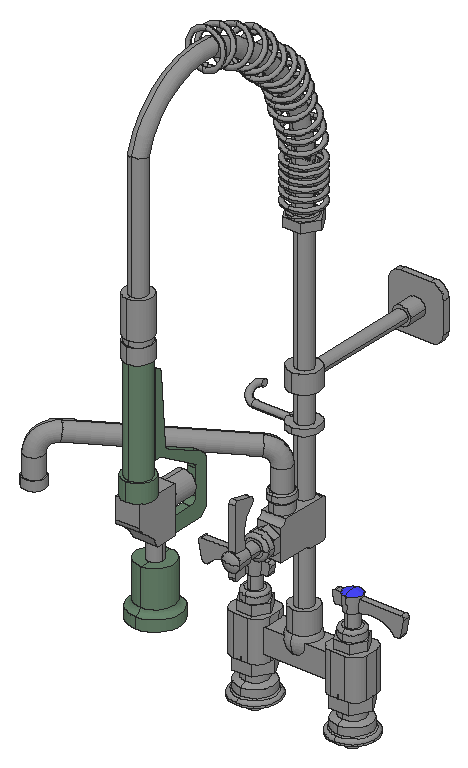
Revit family "Krowne_18-408L_DeckMount_Pre-Rinse_Faucet", category Plumbing Fixtures, Revit 2018
Family settings
  Round Connector Dimension = Use Diameter
  Part Type = Normal
  OmniClass Number = 23.40.40.00
  OmniClass Title = Food Service Equipment and Furnishings
  Work Plane-Based = No
  Always vertical = Yes
  Cut with Voids When Loaded = No
  Shared = No
  Room Calculation Point = No
Parameters (values of type "18-408L")
  Width = 18"
  Weight in Pounds = 13
  Watermarked By = ""
  URL Cutsheet = ""
  URL = "https://krowne.com/"
  Status [instance] = ""
  Specification by User [instance] = ""
  Specification by Manufacturer [instance] = ""
  Serial Number [instance] = ""
  Revision Code [instance] = ""
  NAFEM Spec ID Number [instance] = ""
  Model = "18-408L"
  Masterspec [instance] = ""
  Manufacturer = "Krowne Metal"
  Item Number [instance] = "-"
  Installed By [instance] = ""
  Hot Water Temperature = 100 °F
  Hot Water Size = 1/2"
  Hot Water RI Height [instance] = 0"
  Hot Water Flow = 1.8 GPM
  Hot Water Connection Height = 0"
  Height = 24 7/8"
  Furnished By [instance] = ""
  Foodservice Equipment Identifier = yes
  Description = "4\" Raised Deck Mount Space Saver Pre-Rinse with Add-on Faucet, 8\" Spout"
  Depth = 10"
  Cold Water Size = 1/2"
  Cold Water RI Height [instance] = 0"
  Cold Water Flow = 1.8 GPM
  Cold Water Consumption = ""
  Cold Water Connection Height = 0"
  CSI MasterFormat = ""
  Assembly Code = "E1090300"
Reference planes (in)
  plane 1 "BACK": y = 0
  plane 2: z = 0
  plane 3 "CENTER L/R": x = -12.56573
  plane 4: y = -0.9375
  plane 5: y = -8.5625
  plane 6 "CENTER L/S": x = -10.56573
  plane 7 "CENTER L/T": x = -14.56573
  plane 8 "CENTER L/U": x = -8.40948
  plane 9 "CENTER L/V": x = -16.72198
  plane 10: z = 6.875
  plane 11: z = 18
  plane 12: z = 26.625
  plane 13: z = 1.75
  plane 14: z = 15.8125
Forms (in)
  Extrusion 1, solid, material "QF_Steel-Chrome-Polished"
    sketch origin (-12.56573, -0.93695, -0.09142) x (0, -1, 0) y (1, 0, 0)
      loop
        circle (0, 0) r 0.34
    from 4.12518 to 18.28793
  Revolve 2, solid, material "QF_Plastic-Hunter Green"
    sketch origin (-12.56573, 4.2975, -7.025) x (0, -1, 0) y (0, 0, 1)
      loop
        line (13.735, 18.775) -> (14.36, 18.775) -> (14.36, 19.525) -> (14.235, 19.525) -> (14.235, 23.8375) -> (13.735, 23.8375) -> (13.735, 18.775)
      axis (13.735, 18.775) -> (13.735, 23.8375)
    angle from 0 to 360
  Sweep 3, solid, material "QF_Steel-Chrome-Polished"
    path origin (-12.56573, -0.93695, -4.46642) x (0, -1, 0) y (0, 0, 1)
      loop
        line (8.50055, 23.65392) -> (8.50055, 28.72759)
        arc (8.50055, 28.72759) -> (7.09376, 30.5755) -> (4.82933, 31.09142) r 3.40474
        arc (4.82933, 31.09142) -> (2.36329, 29.70618) -> (0.62765, 27.47285) r 7.14782
        arc (0.62765, 27.47285) -> (0.15902, 26.17338) -> (0, 24.80118) r 6
        line (0, 24.80118) -> (0, 22.66293)
    profile origin (-12.56573, -9.4375, 21.72434) x (0, 1, 0) y (-1, 0, 0)
      loop
        circle (0, 0) r 0.33984
  Sweep 4, solid, material "QF_Steel-Chrome-Polished"
    path origin (-12.56573, 8.55153, 20.47393) x (1, 0, 0) y (0, -0.694658, -0.71934)
      loop
        line (-0.03125, 13.66) -> (-2.03125, 13.66)
        arc (-2.03125, 13.66) -> (-2.40625, 13.285) -> (-2.03125, 12.91) r 0.375
    profile origin (-13.59698, -0.9375, 10.64775) x (0, 0.694658, 0.71934) y (0, 0.71934, -0.694658)
      loop
        circle (0, 0) r 0.125
  Sweep 5, solid, material "QF_Steel-Chrome-Polished"
    path origin (-12.56573, -23.0225, -7.025) x (0, 1, 0) y (0, 0, -1)
      loop
        line (14.46, -16.8375) -> (14.46, -16.0875)
    profile origin (-12.56573, -8.5625, 9.4375) x (-1, 0, 0) y (0, -1, 0)
      loop
        circle (0, 0) r 0.3125
  Revolve 6, solid, material "QF_Plastic-Hunter Green"
    sketch origin (-12.56573, -23.0225, -7.025) x (0, 1, 0) y (0, 0, -1)
      loop
        line (14.46, -16.0875) -> (15.21, -16.0875) -> (15.21, -14.5875)
        arc (15.21, -14.5875) -> (15.28322, -14.41072) -> (15.46, -14.3375) r 0.25
        line (15.46, -14.3375) -> (15.46, -13.9) -> (14.46, -13.9) -> (14.46, -16.0875)
      axis (14.46, -13.9) -> (14.46, -16.0875)
    angle from 0 to 360
  Extrusion 7, solid, material "QF_Plastic-Hunter Green"
    sketch origin (-12.56573, -23.0225, -7.025) x (0, 1, 0) y (0, 0, -1)
      loop
        arc (15.335, -16.71016) -> (15.02261, -17.01446) -> (15.31861, -17.33473) r 0.3125
        line (15.31861, -17.33473) -> (16.06861, -17.33473)
        arc (16.06861, -17.33473) -> (16.24539, -17.40795) -> (16.31861, -17.58473) r 0.25
        line (16.31861, -17.58473) -> (16.31861, -18.62984)
        arc (16.31861, -18.62984) -> (16.28585, -18.75357) -> (16.19614, -18.84486) r 0.25
        line (16.19614, -18.84486) -> (14.5225, -19.8375) -> (14.2725, -19.8375) -> (14.2725, -23.15)
        arc (14.2725, -23.15) -> (14.44928, -23.07678) -> (14.5225, -22.9) r 0.25
        line (14.5225, -22.9) -> (14.73264, -20.16098)
        arc (14.73264, -20.16098) -> (14.77513, -20.0396) -> (14.87232, -19.9554) r 0.25
        line (14.87232, -19.9554) -> (16.56935, -19.12771)
        arc (16.56935, -19.12771) -> (16.77419, -18.94327) -> (16.85017, -18.67831) r 0.5
        line (16.85017, -18.67831) -> (16.85017, -16.97532) -> (16.585, -16.71016) -> (15.335, -16.71016)
    from -0.17817 to 0.15894
  Revolve 8, solid, material "QF_Steel-Chrome-Polished"
    sketch origin (-12.56573, -23.0225, -7.025) x (0, 1, 0) y (0, 0, -1)
      loop
        line (14.8975, -18.7125) -> (15.8975, -18.7125) -> (15.8975, -18.4625) -> (16.0225, -18.4625) -> (16.0225, -18.2125) -> (14.8975, -18.2125) -> (14.8975, -18.7125)
      axis (16.0225, -18.2125) -> (14.8975, -18.2125)
    angle from 0 to 360
  Sweep 9, solid, material "QF_Steel-Chrome-Polished"
    path origin (-12.56573, -2.06586, 24.03279) x (0, -0.882948, -0.469472) y (1, 0, 0)
      loop
        circle (0, 0) r 0.72
    profile origin (-11.84573, -2.06586, 24.03279) x (-1, 0, 0) y (0, -0.469472, 0.882948)
      loop
        circle (0, 0) r 0.08178
  Sweep 10, solid, material "QF_Steel-Chrome-Polished"
    path origin (-12.56573, -2.47616, 24.44422) x (0, -0.829038, -0.559193) y (1, 0, 0)
      loop
        circle (0, 0) r 0.72
    profile origin (-11.84573, -2.47616, 24.44422) x (-1, 0, 0) y (0, -0.559193, 0.829038)
      loop
        circle (0, 0) r 0.08178
  Sweep 11, solid, material "QF_Steel-Chrome-Polished"
    path origin (-12.56573, -1.07894, 21.53673) x (0, -0.978148, -0.207912) y (1, 0, 0)
      loop
        circle (0, 0) r 0.72
    profile origin (-11.84573, -1.07894, 21.53673) x (-1, 0, 0) y (0, -0.207912, 0.978148)
      loop
        circle (0, 0) r 0.08178
  Sweep 12, solid, material "QF_Steel-Chrome-Polished"
    path origin (-12.56573, -1.86515, 23.60264) x (0, -0.857167, -0.515038) y (1, 0, 0)
      loop
        circle (0, 0) r 0.72
    profile origin (-11.84573, -1.86515, 23.60264) x (-1, 0, 0) y (0, -0.515038, 0.857167)
      loop
        circle (0, 0) r 0.08178
  Sweep 13, solid, material "QF_Steel-Chrome-Polished"
    path origin (-12.56573, -0.98092, 21.05422) x (0, -0.978148, -0.207912) y (1, 0, 0)
      loop
        circle (0, 0) r 0.72
    profile origin (-11.84573, -0.98092, 21.05422) x (-1, 0, 0) y (0, -0.207912, 0.978148)
      loop
        circle (0, 0) r 0.08178
  Sweep 14, solid, material "QF_Steel-Chrome-Polished"
    path origin (-12.56573, -1.69061, 23.19258) x (0, -0.920505, -0.390731) y (1, 0, 0)
      loop
        circle (0, 0) r 0.72
    profile origin (-11.84573, -1.69061, 23.19258) x (-1, 0, 0) y (0, -0.390731, 0.920505)
      loop
        circle (0, 0) r 0.08178
  Sweep 15, solid, material "QF_Steel-Chrome-Polished"
    path origin (-12.56573, -1.21384, 22.00251) x (0, -0.951057, -0.309017) y (1, 0, 0)
      loop
        circle (0, 0) r 0.72
    profile origin (-11.84573, -1.21384, 22.00251) x (-1, 0, 0) y (0, -0.309017, 0.951057)
      loop
        circle (0, 0) r 0.08178
  Sweep 16, solid, material "QF_Steel-Chrome-Polished"
    path origin (-12.56573, -1.54108, 22.69083) x (0, -0.927184, -0.374607) y (1, 0, 0)
      loop
        circle (0, 0) r 0.72
    profile origin (-11.84573, -1.54108, 22.69083) x (-1, 0, 0) y (0, -0.374607, 0.927184)
      loop
        circle (0, 0) r 0.08178
  Sweep 17, solid, material "QF_Steel-Chrome-Polished"
    path origin (-12.56573, -3.01276, 24.87687) x (0, -0.848048, -0.529919) y (1, 0, 0)
      loop
        circle (0, 0) r 0.72
    profile origin (-11.84573, -3.01276, 24.87687) x (-1, 0, 0) y (0, -0.529919, 0.848048)
      loop
        circle (0, 0) r 0.08178
  Sweep 18, solid, material "QF_Steel-Chrome-Polished"
    path origin (-12.56573, -3.45399, 25.40635) x (0, -0.745676, -0.666309) y (1, 0, 0)
      loop
        circle (0, 0) r 0.72
    profile origin (-11.84573, -3.45399, 25.40635) x (-1, 0, 0) y (0, -0.666309, 0.745676)
      loop
        circle (0, 0) r 0.08178
  Sweep 19, solid, material "QF_Steel-Chrome-Polished"
    path origin (-12.56573, -3.91456, 25.78013) x (0, -0.632262, -0.774755) y (1, 0, 0)
      loop
        circle (0, 0) r 0.72
    profile origin (-11.84573, -3.91456, 25.78013) x (-1, 0, 0) y (0, -0.774755, 0.632262)
      loop
        circle (0, 0) r 0.08178
  Sweep 20, solid, material "QF_Steel-Chrome-Polished"
    path origin (-12.56573, -4.61244, 26.15886) x (0, -0.434326, -0.900756) y (1, 0, 0)
      loop
        circle (0, 0) r 0.72
    profile origin (-11.84573, -4.61244, 26.15886) x (-1, 0, 0) y (0, -0.900756, 0.434326)
      loop
        circle (0, 0) r 0.08178
  Sweep 21, solid, material "QF_Steel-Chrome-Polished"
    path origin (-12.56573, -5.50445, 26.53759) x (0, -0.434326, -0.900756) y (1, 0, 0)
      loop
        circle (0, 0) r 0.72
    profile origin (-11.84573, -5.50445, 26.53759) x (-1, 0, 0) y (0, -0.900756, 0.434326)
      loop
        circle (0, 0) r 0.08178
  Sweep 22, solid, material "QF_Steel-Chrome-Polished"
    path origin (-12.56573, -5.96727, 26.62629) x (0, -0.134719, -0.990884) y (1, 0, 0)
      loop
        circle (0, 0) r 0.72
    profile origin (-11.84573, -5.96727, 26.62629) x (-1, 0, 0) y (0, -0.990884, 0.134719)
      loop
        circle (0, 0) r 0.08178
  Extrusion 23, solid, material "QF_Steel-Chrome-Polished"
    sketch origin (-0.21875, -0.9375, 12.03358) x (0, 1, 0) y (-1, 0, 0)
      loop
        circle (0.00055, 12.34698) r 0.625
      loop
        circle (0.00055, 12.34698) r 0.34
    from 0 to 0.75
  Extrusion 24, solid, material "QF_Steel-Chrome-Polished"
    sketch origin (-0.1875, 5.0625, -4.46642) x (1, 0, 0) y (0, 0, 1)
      loop
        line (-11.75323, 18) -> (-13.00323, 18)
        arc (-13.00323, 18) -> (-13.35678, 17.85355) -> (-13.50323, 17.5) r 0.5
        line (-13.50323, 17.5) -> (-13.50323, 16.25)
        arc (-13.50323, 16.25) -> (-13.35678, 15.89645) -> (-13.00323, 15.75) r 0.5
        line (-13.00323, 15.75) -> (-11.75323, 15.75)
        arc (-11.75323, 15.75) -> (-11.39967, 15.89645) -> (-11.25323, 16.25) r 0.5
        line (-11.25323, 16.25) -> (-11.25323, 17.5)
        arc (-11.25323, 17.5) -> (-11.39967, 17.85355) -> (-11.75323, 18) r 0.5
    from 0 to 0.25
  Extrusion 25, solid, material "QF_Steel-Chrome-Polished"
    sketch origin (-0.1875, 4.8125, -4.46642) x (1, 0, 0) y (0, 0, 1)
      loop
        circle (-12.37823, 16.875) r 0.375
    from 0 to 0.75
  Extrusion 26, solid, material "QF_Steel-Chrome-Polished"
    sketch origin (-0.1875, 4.0625, -4.46642) x (1, 0, 0) y (0, 0, 1)
      loop
        circle (-12.37823, 16.875) r 0.25
    from 0 to 4.5
  Extrusion 27, solid, material "QF_Steel-Chrome-Polished"
    sketch origin (-12.59698, 5.53856, -5.6836) x (0, 1, 0) y (0, 0, 1)
      loop
        line (-13.66356, 15.4961) -> (-13.66356, 17.4336) -> (-15.47606, 17.4336) -> (-15.47606, 16.5586)
        arc (-15.47606, 16.5586) -> (-15.44221, 16.43298) -> (-15.34983, 16.34139) r 0.25
        arc (-15.34983, 16.34139) -> (-14.88291, 15.97756) -> (-14.53856, 15.4961) r 2.0625
        line (-14.53856, 15.4961) -> (-13.66356, 15.4961)
    from -0.5 to 0.5
  Revolve 28, solid, material "QF_Steel-Chrome-Polished"
    sketch origin (-12.56573, 4.2975, -7.025) x (0, -1, 0) y (0, 0, 1)
      loop
        line (13.735, 23.8375) -> (14.2975, 23.8375) -> (14.2975, 24.4625) -> (14.235, 24.4625) -> (14.235, 24.7125) -> (14.2975, 24.7125) -> (14.2975, 26.2125) -> (13.735, 26.2125) -> (13.735, 23.8375)
      axis (13.735, 23.8375) -> (13.735, 26.2125)
    angle from 0 to 360
  Extrusion 29, solid, material "QF_Steel-Chrome-Polished"
    sketch origin (-0.21875, -0.9375, 10.51528) x (0, 1, 0) y (-1, 0, 0)
      loop
        circle (0.00055, 12.34698) r 0.625
      loop
        circle (0.00055, 12.34698) r 0.34
    from 0 to 0.25
  Extrusion 30, solid, material "QF_Steel-Chrome-Polished"
    sketch origin (-12.56573, 0, 1.1875) x (0, 1, 0) y (0, 0, 1)
      loop
        line (-0.5, 5.3125) -> (-0.5, 6.6875)
        arc (-0.5, 6.6875) -> (-0.53661, 6.77589) -> (-0.625, 6.8125) r 0.125
        line (-0.625, 6.8125) -> (-2.5, 6.8125)
        arc (-2.5, 6.8125) -> (-2.57322, 6.63572) -> (-2.75, 6.5625) r 0.25
        line (-2.75, 6.5625) -> (-2.75, 5.3125) -> (-1.4805, 5.3125)
        arc (-1.4805, 5.3125) -> (-1.43984, 5.3057) -> (-1.4036, 5.28605) r 0.125
        line (-1.4036, 5.28605) -> (-1.3112, 5.21395)
        arc (-1.3112, 5.21395) -> (-1.27496, 5.1943) -> (-1.2343, 5.1875) r 0.125
        line (-1.2343, 5.1875) -> (-0.625, 5.1875)
        arc (-0.625, 5.1875) -> (-0.53661, 5.22411) -> (-0.5, 5.3125) r 0.125
    from -0.4629 to 0.51137
  Sweep 31, solid, material "QF_Steel-Chrome-Polished"
    path origin (-11.1074, -0.60406, 1.1875) x (0.707107, 0.707107, 0) y (0, 0, 1)
      loop
        line (-2.0625, 6.8125) -> (-2.0625, 8.47099)
        arc (-2.0625, 8.47099) -> (-2.24597, 8.96246) -> (-2.7066, 9.21348) r 0.75
        line (-2.7066, 9.21348) -> (-9.2066, 10.14053)
        arc (-9.2066, 10.14053) -> (-9.80397, 9.96458) -> (-10.0625, 9.39804) r 0.75
        line (-10.0625, 9.39804) -> (-10.0625, 8.5625)
    profile origin (-12.56581, -2.06246, 8.82925) x (-0.707107, -0.707107, 0) y (0.707107, -0.707107, 0)
      loop
        circle (0, 0) r 0.375
  Extrusion 32, solid, material "QF_Steel-Chrome-Polished"
    sketch origin (-12.56573, -0.4375, 8) x (0, -1, 0) y (1, 0, 0)
      loop
        circle (1.625, 0) r 0.375
      loop
        circle (1.625, 0) r 0.4375
    from 0 to 0.375
  Revolve 33, solid, material "QF_Steel-Chrome-Polished"
    sketch origin (-12.56573, 0, 1.1875) x (0, 1, 0) y (0, 0, 1)
      loop
        line (-1.6875, 7.5625) -> (-1.6875, 7.1875) -> (-1.625, 7.1875) -> (-1.5625, 7.25) -> (-1.5625, 7.5) -> (-1.625, 7.5625) -> (-1.6875, 7.5625)
      axis (-2.0625, 7.1875) -> (-2.0625, 7.5625)
    angle from 0 to 360
  Extrusion 34, solid, material "QF_Steel-Chrome-Polished"
    sketch origin (-18.21991, -7.72207, 9.375) x (-0.707107, -0.707107, 0) y (-0.707107, 0.707107, 0)
      loop
        circle (0, 0) r 0.4375
    from 0 to -0.375
  Extrusion 35, solid, material "QF_Steel-Chrome-Polished"
    sketch origin (-0.1875, -0.03125, 3.19778) x (0, 1, 0) y (-1, 0, 0)
      loop
        line (-0.90625, 13.74356) -> (-0.35661, 14.06089) -> (-0.35661, 14.69556) -> (-0.90625, 15.01289) -> (-1.45589, 14.69556) -> (-1.45589, 14.06089) -> (-0.90625, 13.74356)
      loop
        line (-0.90625, 9.74356) -> (-0.35661, 10.06089) -> (-0.35661, 10.69556) -> (-0.90625, 11.01289) -> (-1.45589, 10.69556) -> (-1.45589, 10.06089) -> (-0.90625, 9.74356)
    from 0 to 0.375
  Revolve 36, solid, material "QF_Steel-Chrome-Polished"
    sketch origin (-14.56573, -0.03125, -0.80222) x (0, 1, 0) y (0, 0, 1)
      loop
        line (-0.90625, 4.375) -> (-0.40625, 4.375) -> (-0.40625, 4.625)
        arc (-0.40625, 4.625) -> (-0.44286, 4.71339) -> (-0.53125, 4.75) r 0.125
        line (-0.53125, 4.75) -> (-0.90625, 4.75) -> (-0.90625, 4.375)
      axis (-0.90625, 4.375) -> (-0.90625, 4.75)
    angle from 0 to 360
  Revolve 37, solid, material "QF_Steel-Chrome-Polished"
    sketch origin (-10.56573, -0.03125, -0.80222) x (0, 1, 0) y (0, 0, 1)
      loop
        line (-0.90625, 4.375) -> (-0.40625, 4.375) -> (-0.40625, 4.625)
        arc (-0.40625, 4.625) -> (-0.44286, 4.71339) -> (-0.53125, 4.75) r 0.125
        line (-0.53125, 4.75) -> (-0.90625, 4.75) -> (-0.90625, 4.375)
      axis (-0.90625, 4.375) -> (-0.90625, 4.75)
    angle from 0 to 360
  Revolve 38, solid, material "QF_Steel-Chrome-Polished"
    sketch origin (-10.56573, -0.03125, -0.80222) x (0, 1, 0) y (0, 0, 1)
      loop
        line (-0.90625, 4.75) -> (-0.65625, 4.75) -> (-0.65625, 5.3125) -> (-0.90625, 5.3125) -> (-0.90625, 4.75)
      axis (-0.90625, 4.75) -> (-0.90625, 5.3125)
    angle from 0 to 360
  Revolve 39, solid, material "QF_Steel-Chrome-Polished"
    sketch origin (-14.56573, -0.03125, -0.80222) x (0, 1, 0) y (0, 0, 1)
      loop
        line (-0.90625, 4.75) -> (-0.65625, 4.75) -> (-0.65625, 5.3125) -> (-0.90625, 5.3125) -> (-0.90625, 4.75)
      axis (-0.90625, 4.75) -> (-0.90625, 5.3125)
    angle from 0 to 360
  Revolve 40, solid, material "QF_Steel-Chrome-Polished"
    sketch origin (-14.56573, -0.03125, -0.80222) x (0, 1, 0) y (0, 0, 1)
      loop
        line (-0.90625, 5.3125) -> (-0.59375, 5.3125) -> (-0.53125, 5.9375) -> (-0.90625, 5.9375) -> (-0.90625, 5.3125)
      axis (-0.90625, 5.3125) -> (-0.90625, 5.9375)
    angle from 0 to 360
  Revolve 41, solid, material "QF_Steel-Chrome-Polished"
    sketch origin (-10.56573, -0.03125, -0.80222) x (0, 1, 0) y (0, 0, 1)
      loop
        line (-0.90625, 5.3125) -> (-0.59375, 5.3125) -> (-0.53125, 5.9375) -> (-0.90625, 5.9375) -> (-0.90625, 5.3125)
      axis (-0.90625, 5.3125) -> (-0.90625, 5.9375)
    angle from 0 to 360
  Revolve 42, solid, material "QF_Plastic-Red"
    sketch origin (-14.56573, -0.03125, -0.80222) x (0, 1, 0) y (0, 0, 1)
      loop
        line (-0.90625, 5.9375) -> (-0.53125, 5.9375)
        arc (-0.53125, 5.9375) -> (-0.70704, 6.03513) -> (-0.90625, 6.0625) r 0.54601
        line (-0.90625, 6.0625) -> (-0.90625, 5.9375)
      axis (-0.90625, 5.9375) -> (-0.90625, 6.0625)
    angle from 0 to 360
  Revolve 43, solid, material "QF_Plastic-Blue"
    sketch origin (-10.56573, -0.03125, -0.80222) x (0, 1, 0) y (0, 0, 1)
      loop
        line (-0.90625, 5.9375) -> (-0.53125, 5.9375)
        arc (-0.53125, 5.9375) -> (-0.70704, 6.03513) -> (-0.90625, 6.0625) r 0.54601
        line (-0.90625, 6.0625) -> (-0.90625, 5.9375)
      axis (-0.90625, 5.9375) -> (-0.90625, 6.0625)
    angle from 0 to 360
  Extrusion 44, solid, material "QF_Steel-Chrome-Polished"
    sketch origin (-0.1875, -3.375, -0.21074) x (1, 0, 0) y (0, 1, 0)
      loop
        circle (-14.37823, 2.4375) r 0.25
      loop
        circle (-10.37823, 2.4375) r 0.25
    from 0.21074 to -0.25
  Revolve 45, solid, material "QF_Steel-Chrome-Polished"
    sketch origin (-14.56573, -0.03125, 0) x (0, 1, 0) y (0, 0, 1)
      loop
        line (-0.90625, 0) -> (0.03125, 0) -> (0.03125, 0.0625)
        arc (0.03125, 0.0625) -> (-0.00536, 0.15089) -> (-0.09375, 0.1875) r 0.125
        arc (-0.09375, 0.1875) -> (-0.13794, 0.20581) -> (-0.15625, 0.25) r 0.0625
        line (-0.15625, 0.25) -> (-0.15625, 0.5625) -> (-0.40625, 0.6875) -> (-0.40625, 1.0625) -> (-0.90625, 1.0625) -> (-0.90625, 0)
      axis (-0.90625, 0) -> (-0.90625, 1.0625)
    angle from 0 to 360
  Revolve 46, solid, material "QF_Steel-Chrome-Polished"
    sketch origin (-10.56573, -0.03125, 0) x (0, 1, 0) y (0, 0, 1)
      loop
        line (-0.90625, 0) -> (0.03125, 0) -> (0.03125, 0.0625)
        arc (0.03125, 0.0625) -> (-0.00536, 0.15089) -> (-0.09375, 0.1875) r 0.125
        arc (-0.09375, 0.1875) -> (-0.13794, 0.20581) -> (-0.15625, 0.25) r 0.0625
        line (-0.15625, 0.25) -> (-0.15625, 0.5625) -> (-0.40625, 0.6875) -> (-0.40625, 1.0625) -> (-0.90625, 1.0625) -> (-0.90625, 0)
      axis (-0.90625, 0) -> (-0.90625, 1.0625)
    angle from 0 to 360
  Extrusion 47, solid, material "QF_Steel-Chrome-Polished"
    sketch origin (-0.1875, -0.03125, 1.0625) x (0, 1, 0) y (-1, 0, 0)
      loop
        line (-0.2026, 13.97198) -> (-0.2026, 14.78448) -> (-0.90625, 15.19073) -> (-1.6099, 14.78448) -> (-1.6099, 13.97198) -> (-0.90625, 13.56573) -> (-0.2026, 13.97198)
      loop
        line (-0.2026, 9.97198) -> (-0.2026, 10.78448) -> (-0.90625, 11.19073) -> (-1.6099, 10.78448) -> (-1.6099, 9.97198) -> (-0.90625, 9.56573) -> (-0.2026, 9.97198)
    from 0 to 0.5
  Extrusion 48, solid, material "QF_Steel-Chrome-Polished"
    sketch origin (-0.1875, -0.03125, 1.5625) x (0, 1, 0) y (-1, 0, 0)
      loop
        circle (-0.90625, 14.37823) r 0.75
      loop
        circle (-0.90625, 10.37823) r 0.75
    from 0 to 0.125
  Revolve 49, solid, material "QF_Steel-Chrome-Polished"
    sketch origin (-12.56573, -0.03125, -0.16406) x (0, 1, 0) y (0, 0, 1)
      loop
        line (-0.90625, 3.30665) -> (-0.90625, 2.30303)
        arc (-0.90625, 2.30303) -> (-0.33338, 2.64139) -> (-0.34375, 3.30665) r 0.66209
        line (-0.34375, 3.30665) -> (-0.90625, 3.30665)
      axis (-0.90625, 3.30665) -> (-0.90625, 2.30303)
    angle from 0 to 360
  Extrusion 50, solid, material "QF_Steel-Chrome-Polished"
    sketch origin (-12.56573, -0.9375, 3.14259) x (0, 1, 0) y (-1, 0, 0)
      loop
        circle (0, 0) r 0.5625
    from 0 to 0.89117
  Extrusion 51, solid, material "QF_Steel-Chrome-Polished"
    sketch origin (1.8125, -0.9375, -0.80222) x (1, 0, 0) y (0, 0, 1)
      loop
        arc (-18.45139, 5.875) -> (-18.54806, 5.82925) -> (-18.57397, 5.72549) r 0.125
        line (-18.57397, 5.72549) -> (-18.44898, 5.10053)
        arc (-18.44898, 5.10053) -> (-18.40566, 5.02837) -> (-18.32641, 5.00004) r 0.125
        line (-18.32641, 5.00004) -> (-18.25335, 5.00004)
        arc (-18.25335, 5.00004) -> (-18.20057, 5.01173) -> (-18.15766, 5.04462) r 0.125
        arc (-18.15766, 5.04462) -> (-17.58494, 5.40979) -> (-16.90628, 5.38199) r 1.13354
        arc (-16.90628, 5.38199) -> (-16.88545, 5.37648) -> (-16.86398, 5.37462) r 0.125
        line (-16.86398, 5.37462) -> (-15.83077, 5.37462)
        arc (-15.83077, 5.37462) -> (-15.75152, 5.40295) -> (-15.7082, 5.47511) r 0.125
        line (-15.7082, 5.47511) -> (-15.65813, 5.72549)
        arc (-15.65813, 5.72549) -> (-15.68403, 5.82925) -> (-15.7807, 5.875) r 0.125
        line (-15.7807, 5.875) -> (-18.45139, 5.875)
      loop
        line (-10.29934, 5.875) -> (-12.97575, 5.875)
        arc (-12.97575, 5.875) -> (-13.07242, 5.82925) -> (-13.09832, 5.72549) r 0.125
        line (-13.09832, 5.72549) -> (-13.04825, 5.47511)
        arc (-13.04825, 5.47511) -> (-13.00493, 5.40295) -> (-12.92568, 5.37462) r 0.125
        line (-12.92568, 5.37462) -> (-11.89247, 5.37462)
        arc (-11.89247, 5.37462) -> (-11.871, 5.37648) -> (-11.85017, 5.38199) r 0.125
        arc (-11.85017, 5.38199) -> (-11.17151, 5.40979) -> (-10.59879, 5.04462) r 1.13354
        arc (-10.59879, 5.04462) -> (-10.55588, 5.01173) -> (-10.5031, 5.00004) r 0.125
        line (-10.5031, 5.00004) -> (-10.42432, 5.00004)
        arc (-10.42432, 5.00004) -> (-10.34507, 5.02837) -> (-10.30175, 5.10053) r 0.125
        line (-10.30175, 5.10053) -> (-10.17676, 5.72549)
        arc (-10.17676, 5.72549) -> (-10.20267, 5.82925) -> (-10.29934, 5.875) r 0.125
    from -0.125 to 0.125
  Extrusion 52, solid, material "QF_Steel-Chrome-Polished"
    sketch origin (-13.46034, -2.75, 17.56068) x (-1, 0, 0) y (0, 0, -1)
      loop
        line (-0.90625, 9.81573) -> (-0.41911, 10.09698) -> (-0.41911, 10.65948) -> (-0.90625, 10.94073) -> (-1.39339, 10.65948) -> (-1.39339, 10.09698) -> (-0.90625, 9.81573)
    from 0 to 0.375
  Revolve 53, solid, material "QF_Steel-Chrome-Polished"
    sketch origin (-13.46034, 1.25, 7.18246) x (-1, 0, 0) y (0, -1, 0)
      loop
        line (-0.90625, 4.375) -> (-0.40625, 4.375) -> (-0.40625, 4.625)
        arc (-0.40625, 4.625) -> (-0.44286, 4.71339) -> (-0.53125, 4.75) r 0.125
        line (-0.53125, 4.75) -> (-0.90625, 4.75) -> (-0.90625, 4.375)
      axis (-0.90625, 4.375) -> (-0.90625, 4.75)
    angle from 0 to 360
  Revolve 54, solid, material "QF_Steel-Chrome-Polished"
    sketch origin (-13.46034, 1.25, 7.18246) x (-1, 0, 0) y (0, -1, 0)
      loop
        line (-0.90625, 4.75) -> (-0.65625, 4.75) -> (-0.65625, 5.3125) -> (-0.90625, 5.3125) -> (-0.90625, 4.75)
      axis (-0.90625, 4.75) -> (-0.90625, 5.3125)
    angle from 0 to 360
  Revolve 55, solid, material "QF_Steel-Chrome-Polished"
    sketch origin (-13.46034, 1.25, 7.18246) x (-1, 0, 0) y (0, -1, 0)
      loop
        line (-0.90625, 5.3125) -> (-0.59375, 5.3125) -> (-0.53125, 5.9375) -> (-0.90625, 5.9375) -> (-0.90625, 5.3125)
      axis (-0.90625, 5.3125) -> (-0.90625, 5.9375)
    angle from 0 to 360
  Revolve 56, solid, material "QF_Steel-Chrome-Polished"
    sketch origin (-13.46034, 1.25, 7.18246) x (-1, 0, 0) y (0, -1, 0)
      loop
        line (-0.90625, 5.9375) -> (-0.53125, 5.9375)
        arc (-0.53125, 5.9375) -> (-0.70704, 6.03513) -> (-0.90625, 6.0625) r 0.54601
        line (-0.90625, 6.0625) -> (-0.90625, 5.9375)
      axis (-0.90625, 5.9375) -> (-0.90625, 6.0625)
    angle from 0 to 360
  Extrusion 57, solid, material "QF_Steel-Chrome-Polished"
    sketch origin (-12.55409, 1.25, 19.56068) x (0, 0, 1) y (0, -1, 0)
      loop
        line (-10.29934, 5.875) -> (-12.97575, 5.875)
        arc (-12.97575, 5.875) -> (-13.07242, 5.82925) -> (-13.09832, 5.72549) r 0.125
        line (-13.09832, 5.72549) -> (-13.04825, 5.47511)
        arc (-13.04825, 5.47511) -> (-13.00493, 5.40295) -> (-12.92568, 5.37462) r 0.125
        line (-12.92568, 5.37462) -> (-11.89247, 5.37462)
        arc (-11.89247, 5.37462) -> (-11.871, 5.37648) -> (-11.85017, 5.38199) r 0.125
        arc (-11.85017, 5.38199) -> (-11.17151, 5.40979) -> (-10.59879, 5.04462) r 1.13354
        arc (-10.59879, 5.04462) -> (-10.55588, 5.01173) -> (-10.5031, 5.00004) r 0.125
        line (-10.5031, 5.00004) -> (-10.42432, 5.00004)
        arc (-10.42432, 5.00004) -> (-10.34507, 5.02837) -> (-10.30175, 5.10053) r 0.125
        line (-10.30175, 5.10053) -> (-10.17676, 5.72549)
        arc (-10.17676, 5.72549) -> (-10.20267, 5.82925) -> (-10.29934, 5.875) r 0.125
    from -0.125 to 0.125
  Extrusion 58, solid, material "QF_Steel-Chrome-Polished"
    sketch origin (0, 0, 0) x (1, 0, 0) y (0, 1, 0)
      loop
        line (-10.28392, -0.1875) -> (-10.84753, -0.1875)
        arc (-10.84753, -0.1875) -> (-11.20108, -0.33395) -> (-11.34753, -0.6875) r 0.5
        line (-11.34753, -0.6875) -> (-11.34753, -1.1875)
        arc (-11.34753, -1.1875) -> (-11.20108, -1.54105) -> (-10.84753, -1.6875) r 0.5
        line (-10.84753, -1.6875) -> (-10.28392, -1.6875)
        arc (-10.28392, -1.6875) -> (-9.93037, -1.54105) -> (-9.78392, -1.1875) r 0.5
        line (-9.78392, -1.1875) -> (-9.78392, -0.6875)
        arc (-9.78392, -0.6875) -> (-9.93037, -0.33395) -> (-10.28392, -0.1875) r 0.5
      loop
        line (-14.28392, -0.1875) -> (-14.84753, -0.1875)
        arc (-14.84753, -0.1875) -> (-15.20108, -0.33395) -> (-15.34753, -0.6875) r 0.5
        line (-15.34753, -0.6875) -> (-15.34753, -1.1875)
        arc (-15.34753, -1.1875) -> (-15.20108, -1.54105) -> (-14.84753, -1.6875) r 0.5
        line (-14.84753, -1.6875) -> (-14.28392, -1.6875)
        arc (-14.28392, -1.6875) -> (-13.93037, -1.54105) -> (-13.78392, -1.1875) r 0.5
        line (-13.78392, -1.1875) -> (-13.78392, -0.6875)
        arc (-13.78392, -0.6875) -> (-13.93037, -0.33395) -> (-14.28392, -0.1875) r 0.5
    from 1.5625 to 3.19778
  Extrusion 59, solid, material "QF_Steel-Chrome-Polished"
    sketch origin (0, 0, 0) x (1, 0, 0) y (0, 1, 0)
      loop
        line (-10.56573, -0.4375) -> (-14.56573, -0.4375) -> (-14.56573, -1.44779) -> (-10.56573, -1.44779) -> (-10.56573, -0.4375)
    from 1.92335 to 2.9302
  Sweep 60, solid, material "QF_Steel-Chrome-Polished"
    path origin (-12.56573, -0.93695, 18.84886) x (0, -1, 0) y (1, 0, 0)
      loop
        circle (0, 0) r 0.72
    profile origin (-11.84573, -0.93695, 18.84886) x (-1, 0, 0) y (0, 0, 1)
      loop
        circle (0, 0) r 0.08178
  Sweep 61, solid, material "QF_Steel-Chrome-Polished"
    path origin (-12.56573, -0.93695, 19.59886) x (0, -1, 0) y (1, 0, 0)
      loop
        circle (0, 0) r 0.72
    profile origin (-11.84573, -0.93695, 19.59886) x (-1, 0, 0) y (0, 0, 1)
      loop
        circle (0, 0) r 0.08178
  Sweep 62, solid, material "QF_Steel-Chrome-Polished"
    path origin (-12.56573, -0.93695, 20.16136) x (0, -1, 0) y (1, 0, 0)
      loop
        circle (0, 0) r 0.72
    profile origin (-11.84573, -0.93695, 20.16136) x (-1, 0, 0) y (0, 0, 1)
      loop
        circle (0, 0) r 0.08178
  Sweep 63, solid, material "QF_Steel-Chrome-Polished"
    path origin (-12.56573, -0.93695, 19.23623) x (0, -1, 0) y (1, 0, 0)
      loop
        circle (0, 0) r 0.72
    profile origin (-11.84573, -0.93695, 19.23623) x (-1, 0, 0) y (0, 0, 1)
      loop
        circle (0, 0) r 0.08178
  Sweep 64, solid, material "QF_Steel-Chrome-Polished"
    path origin (-12.56573, -0.93695, 19.86123) x (0, -1, 0) y (1, 0, 0)
      loop
        circle (0, 0) r 0.72
    profile origin (-11.84573, -0.93695, 19.86123) x (-1, 0, 0) y (0, 0, 1)
      loop
        circle (0, 0) r 0.08178
  Sweep 65, solid, material "QF_Steel-Chrome-Polished"
    path origin (-12.56573, -0.93695, 20.42373) x (0, -1, 0) y (1, 0, 0)
      loop
        circle (0, 0) r 0.72
    profile origin (-11.84573, -0.93695, 20.42373) x (-1, 0, 0) y (0, 0, 1)
      loop
        circle (0, 0) r 0.08178
  Extrusion 66, solid, material "QF_Steel-Chrome-Polished"
    sketch origin (0, 0, 18) x (0, 1, 0) y (-1, 0, 0)
      loop
        line (-0.9375, 11.84174) -> (-0.31051, 12.20373) -> (-0.31051, 12.92772) -> (-0.9375, 13.28971) -> (-1.56449, 12.92772) -> (-1.56449, 12.20373) -> (-0.9375, 11.84174)
    from 0 to 0.375
  Revolve 67, solid, material "QF_Steel-Chrome-Polished"
    sketch origin (-12.59698, 0, 16) x (0, 1, 0) y (0, 0, 1)
      loop
        line (-0.9375, 2.375) -> (-0.37, 2.375) -> (-0.37, 2.45122) -> (-0.5625, 2.45122) -> (-0.5625, 3.49121) -> (-0.9375, 3.49121) -> (-0.9375, 2.375)
      loop
        line (-0.5625, 4.891) -> (-0.9375, 4.891) -> (-0.9375, 4.29742) -> (-0.5625, 4.29742) -> (-0.5625, 4.891)
      axis (-0.9375, 2.375) -> (-0.9375, 4.891)
    angle from 0 to 360
  Extrusion 68, solid, material "QF_Steel-Chrome-Polished"
    sketch origin (0, 0, 19.76372) x (0, 1, 0) y (-1, 0, 0)
      loop
        line (-0.9375, 12.05825) -> (-0.49801, 12.31199) -> (-0.49801, 12.81946) -> (-0.9375, 13.0732) -> (-1.37699, 12.81946) -> (-1.37699, 12.31199) -> (-0.9375, 12.05825)
    from -0.27251 to 0.54256
Cuts and joins
  joined: Extrusion 1, Extrusion 30
  joined: Extrusion 58, Extrusion 59
Lines and regions (in)
  symbolic lines
    curve 1: arc (-12.94073, -0.9375, 0) -> (-12.83089, -0.67233, 0) -> (-12.56573, -0.5625, 0) r 0.375
    curve 2: arc (-12.56573, -0.5625, 0) -> (-12.30056, -0.67233, 0) -> (-12.19073, -0.9375, 0) r 0.375
    curve 3: line (-12.94073, -0.9375, 0) -> (-12.94073, -9.46144, 0)
    curve 4: arc (-12.94073, -9.46144, 0) -> (-12.56573, -9.83644, 0) -> (-12.19073, -9.46144, 0) r 0.375
    curve 6: line (-13.36339, -1.09937, 0) -> (-11.73911, -1.09937, 0)
    curve 7: line (-13.36339, -1.31238, 0) -> (-11.73911, -1.31238, 0)
    curve 8: line (-13.36339, -1.56238, 0) -> (-11.73911, -1.56238, 0)
    curve 9: line (-13.36339, -1.81238, 0) -> (-11.73911, -1.81238, 0)
    curve 10: line (-13.36339, -2.06238, 0) -> (-11.73911, -2.06238, 0)
    curve 11: line (-13.36339, -2.31238, 0) -> (-11.73911, -2.31238, 0)
    curve 12: line (-13.36339, -2.56238, 0) -> (-11.73911, -2.56238, 0)
    curve 13: line (-13.36339, -2.81238, 0) -> (-11.73911, -2.81238, 0)
    curve 14: line (-13.36339, -3.06238, 0) -> (-11.73911, -3.06238, 0)
    curve 15: line (-13.36339, -3.81238, 0) -> (-11.73911, -3.81238, 0)
    curve 16: line (-13.36339, -5.06238, 0) -> (-11.73911, -5.06238, 0)
    curve 17: line (-13.36339, -5.69647, 0) -> (-11.73911, -5.69647, 0)
    curve 18: line (-13.36339, -8.53336, 0) -> (-11.73911, -8.53336, 0)
    curve 19: line (-11.44073, 5.0625, 0) -> (-13.69073, 5.0625, 0)
    curve 20: line (-13.69073, 4.8125, 0) -> (-11.44073, 4.8125, 0)
    curve 21: line (-12.19073, 4.0625, 0) -> (-12.19073, 4.8125, 0)
    curve 22: line (-12.94073, 4.0625, 0) -> (-12.19073, 4.0625, 0)
    curve 23: line (-12.94073, 4.8125, 0) -> (-12.94073, 4.0625, 0)
    curve 24: circle (-10.59698, -0.9375, 0) r 0.375 normal (0, 0, 1)
    curve 25: line (-10.95053, -0.8125, 0) -> (-11.3195, -0.8125, 0)
    curve 26: line (-11.3195, -0.8125, 0) -> (-11.3195, -1.0625, 0)
    curve 27: line (-11.3195, -1.0625, 0) -> (-10.95053, -1.0625, 0)
    curve 28: line (-10.24342, -1.0625, 0) -> (-8.41195, -1.0625, 0)
    curve 29: line (-8.41195, -1.0625, 0) -> (-8.41195, -0.8125, 0)
    curve 30: line (-8.41195, -0.8125, 0) -> (-10.24342, -0.8125, 0)
    curve 31: arc (-11.08731, -0.8125, 0) -> (-10.60008, -0.44319, 0) -> (-10.11285, -0.8125, 0) r 0.50605
    curve 32: arc (-11.08731, -1.0625, 0) -> (-10.60008, -1.43181, 0) -> (-10.11285, -1.0625, 0) r 0.50605
    curve 33: line (-10.22171, -1.26179, 0) -> (-10.31573, -1.42464, 0)
    curve 34: line (-10.31573, -1.42464, 0) -> (-10.51522, -1.42464, 0)
    curve 35: line (-10.68494, -1.42464, 0) -> (-10.87823, -1.42464, 0)
    curve 36: line (-10.87823, -1.42464, 0) -> (-10.97003, -1.28451, 0)
    curve 37: line (-10.95617, -0.58968, 0) -> (-10.87934, -0.45661, 0)
    curve 38: line (-10.87934, -0.45661, 0) -> (-10.71584, -0.45661, 0)
    curve 39: line (-10.4941, -0.45442, 0) -> (-10.32182, -0.45442, 0)
    curve 40: line (-10.32182, -0.45442, 0) -> (-10.22869, -0.59657, 0)
    curve 41: circle (-14.53448, -0.9375, 0) r 0.375 normal (0, 0, -1)
    curve 42: line (-14.18092, -0.8125, 0) -> (-13.81195, -0.8125, 0)
    curve 43: line (-13.81195, -0.8125, 0) -> (-13.81195, -1.0625, 0)
    curve 44: line (-13.81195, -1.0625, 0) -> (-14.18092, -1.0625, 0)
    curve 45: line (-14.88803, -1.0625, 0) -> (-16.7195, -1.0625, 0)
    curve 46: line (-16.7195, -1.0625, 0) -> (-16.7195, -0.8125, 0)
    curve 47: line (-16.7195, -0.8125, 0) -> (-14.88803, -0.8125, 0)
    curve 48: arc (-14.04414, -0.8125, 0) -> (-14.53137, -0.44319, 0) -> (-15.0186, -0.8125, 0) r 0.50605
    curve 49: arc (-14.04414, -1.0625, 0) -> (-14.53137, -1.43181, 0) -> (-15.0186, -1.0625, 0) r 0.50605
    curve 50: line (-14.90974, -1.26179, 0) -> (-14.81573, -1.42464, 0)
    curve 51: line (-14.81573, -1.42464, 0) -> (-14.61623, -1.42464, 0)
    curve 52: line (-14.44651, -1.42464, 0) -> (-14.25323, -1.42464, 0)
    curve 53: line (-14.25323, -1.42464, 0) -> (-14.16142, -1.28451, 0)
    curve 54: line (-14.17528, -0.58968, 0) -> (-14.25211, -0.45661, 0)
    curve 55: line (-14.25211, -0.45661, 0) -> (-14.41561, -0.45661, 0)
    curve 56: line (-14.63735, -0.45442, 0) -> (-14.80963, -0.45442, 0)
    curve 57: line (-14.80963, -0.45442, 0) -> (-14.90888, -0.6059, 0)
    curve 58: line (-12.31405, 4.0625, 0) -> (-12.31405, -0.6595, 0)
    curve 59: line (-12.8135, 4.0625, 0) -> (-12.8135, -0.65601, 0)
    curve 60: line (-11.44073, 4.8125, 0) -> (-11.44073, 5.0625, 0)
    curve 61: line (-13.69073, 4.8125, 0) -> (-13.69073, 5.0625, 0)
    curve 62: line (-12.06573, -7.125, 0) -> (-12.19073, -7.125, 0)
    curve 63: line (-12.06573, -7.125, 0) -> (-12.06573, -8.125, 0)
    curve 64: line (-12.06573, -8.125, 0) -> (-12.19073, -8.125, 0)
    curve 65: line (-12.09698, -8.125, 0) -> (-12.09698, -9.0241, 0)
    curve 66: arc (-12.19073, -8.9375, 0) -> (-12.56573, -10.0625, 0) -> (-12.94073, -8.9375, 0) r 0.625
    curve 67: arc (-12.19073, -9.01824, 0) -> (-12.56573, -10, 0) -> (-12.94073, -9.01824, 0) r 0.5625
    curve 68: line (-13.06573, -7.125, 0) -> (-12.94073, -7.125, 0)
    curve 69: line (-13.06573, -7.125, 0) -> (-13.06573, -8.125, 0)
    curve 70: line (-13.06573, -8.125, 0) -> (-12.94073, -8.125, 0)
    curve 71: line (-13.03448, -8.125, 0) -> (-13.03448, -9.0241, 0)
    curve 72: arc (-12.06573, -7.69647, 0) -> (-11.56829, -8.49089, 0) -> (-11.94714, -9.34821, 0) r 1
    curve 73: arc (-12.06573, -8.00348, 0) -> (-11.81592, -8.54545, 0) -> (-12.04083, -9.09821, 0) r 0.75
    curve 74: arc (-13.06573, -7.69647, 0) -> (-13.56316, -8.49089, 0) -> (-13.18431, -9.34821, 0) r 1
    curve 75: arc (-13.06573, -8.00348, 0) -> (-13.31553, -8.54545, 0) -> (-13.09062, -9.09821, 0) r 0.75
    curve 76: arc (-9.59188, -0.8125, 0) -> (-10.3676, 0.02271, 0) -> (-11.41596, -0.42478, 0) r 0.99081
    curve 77: arc (-9.59188, -1.0625, 0) -> (-10.36159, -1.89788, 0) -> (-11.40453, -1.44779, 0) r 0.98183
    curve 78: line (-11.27443, -1.44779, 0) -> (-12.19073, -1.44779, 0)
    curve 79: line (-11.28054, -0.4375, 0) -> (-12.31405, -0.4375, 0)
    curve 80: line (-18.48007, -7.51298, 0) -> (-12.94073, -1.97363, 0)
    curve 81: line (-17.97345, -8.01959, 0) -> (-12.94073, -2.98686, 0)
    curve 82: arc (-17.97345, -8.01959, 0) -> (-18.48007, -8.01959, 0) -> (-18.48007, -7.51298, 0) r 0.35823
    curve 83: arc (-18.27898, -7.31189, 0) -> (-18.58133, -8.03566, 0) -> (-17.81631, -7.86245, 0) r 0.44129
    curve 84: circle (-14.53448, -0.9375, 0) r 0.375 normal (0, 0, -1)
    curve 85: line (-14.18092, -0.8125, 0) -> (-13.81195, -0.8125, 0)
    curve 86: line (-13.81195, -0.8125, 0) -> (-13.81195, -1.0625, 0)
    curve 87: line (-13.81195, -1.0625, 0) -> (-14.18092, -1.0625, 0)
    curve 88: line (-14.88803, -1.0625, 0) -> (-16.7195, -1.0625, 0)
    curve 89: line (-16.7195, -1.0625, 0) -> (-16.7195, -0.8125, 0)
    curve 90: line (-16.7195, -0.8125, 0) -> (-14.88803, -0.8125, 0)
    curve 91: arc (-14.04414, -0.8125, 0) -> (-14.53137, -0.44319, 0) -> (-15.0186, -0.8125, 0) r 0.50605
    curve 92: arc (-14.04414, -1.0625, 0) -> (-14.53137, -1.43181, 0) -> (-15.0186, -1.0625, 0) r 0.50605
    curve 93: line (-14.90974, -1.26179, 0) -> (-14.81573, -1.42464, 0)
    curve 94: line (-14.81573, -1.42464, 0) -> (-14.61623, -1.42464, 0)
    curve 95: line (-14.44651, -1.42464, 0) -> (-14.25323, -1.42464, 0)
    curve 96: line (-14.25323, -1.42464, 0) -> (-14.16142, -1.28451, 0)
    curve 97: line (-14.17528, -0.58968, 0) -> (-14.25211, -0.45661, 0)
    curve 98: line (-14.25211, -0.45661, 0) -> (-14.41561, -0.45661, 0)
    curve 99: line (-14.63735, -0.45442, 0) -> (-14.80963, -0.45442, 0)
    curve 100: line (-14.80963, -0.45442, 0) -> (-14.90888, -0.6059, 0)
    curve 101: arc (-15.53957, -0.8125, 0) -> (-14.76385, 0.02271, 0) -> (-13.71549, -0.42478, 0) r 0.99081
    curve 102: arc (-15.53957, -1.0625, 0) -> (-14.76986, -1.89788, 0) -> (-13.72692, -1.44779, 0) r 0.98183
    curve 103: line (-13.85702, -1.44779, 0) -> (-12.94073, -1.44779, 0)
    curve 104: line (-13.85091, -0.4375, 0) -> (-12.8135, -0.4375, 0)
    curve 105: line (-12.94073, -0.9375, 0) -> (-14.61234, -0.9375, 0)
    curve 106: arc (-14.61234, -0.9375, 0) -> (-14.91073, -0.63911, 0) -> (-14.61234, -0.34072, 0) r 0.29839
    curve 107: arc (-9.78392, -0.6875, 0) -> (-9.93037, -0.33395, 0) -> (-10.28392, -0.1875, 0) r 0.5
    curve 108: line (-10.28392, -0.1875, 0) -> (-10.84753, -0.1875, 0)
    curve 109: arc (-10.84753, -0.1875, 0) -> (-11.20108, -0.33395, 0) -> (-11.34753, -0.6875, 0) r 0.5
    curve 110: line (-11.34753, -0.6875, 0) -> (-11.34753, -1.1875, 0)
    curve 111: arc (-11.34753, -1.1875, 0) -> (-11.20108, -1.54105, 0) -> (-10.84753, -1.6875, 0) r 0.5
    curve 112: line (-10.84753, -1.6875, 0) -> (-10.28392, -1.6875, 0)
    curve 113: arc (-10.28392, -1.6875, 0) -> (-9.93037, -1.54105, 0) -> (-9.78392, -1.1875, 0) r 0.5
    curve 114: line (-9.78392, -1.1875, 0) -> (-9.78392, -0.6875, 0)
    curve 115: arc (-13.78392, -0.6875, 0) -> (-13.93037, -0.33395, 0) -> (-14.28392, -0.1875, 0) r 0.5
    curve 116: line (-14.28392, -0.1875, 0) -> (-14.84753, -0.1875, 0)
    curve 117: arc (-14.84753, -0.1875, 0) -> (-15.20108, -0.33395, 0) -> (-15.34753, -0.6875, 0) r 0.5
    curve 118: line (-15.34753, -0.6875, 0) -> (-15.34753, -1.1875, 0)
    curve 119: arc (-15.34753, -1.1875, 0) -> (-15.20108, -1.54105, 0) -> (-14.84753, -1.6875, 0) r 0.5
    curve 120: line (-14.84753, -1.6875, 0) -> (-14.28392, -1.6875, 0)
    curve 121: arc (-14.28392, -1.6875, 0) -> (-13.93037, -1.54105, 0) -> (-13.78392, -1.1875, 0) r 0.5
    curve 122: line (-13.78392, -1.1875, 0) -> (-13.78392, -0.6875, 0)
  symbolic lines, style "PlumbingFixtures"
    curve 5: line (-12.19073, -0.9375, 0) -> (-12.19073, -9.46144, 0)
Dimensions and locks (in)
  plane 4 to plane 1 "BACK" = 15/16"
  plane 5 to plane 4 = 7 5/8"
  plane 6 "CENTER L/S" to plane 7 "CENTER L/T" = 4"
  plane 8 "CENTER L/U" to plane 9 "CENTER L/V" = 8 5/16"
  plane 10 to level = 6 7/8"  (x2)
  plane 11 to level = 18"
  plane 12 to plane 13 = 24 7/8"  (x2)
  Extrusion 24 to plane 4 = 6"
  plane 4 to plane 5 = 7 5/8"
  plane 11 to plane 10 = 11 1/8"
  Extrusion 34 to level = 9 3/8"
  plane 1 "BACK" to Extrusion 27 = 9 15/16"
  aligned and locked: level to plane 2
  aligned and locked: Extrusion 35 to Revolve 37 sketch curve
  aligned and locked: Revolve 40 sketch curve to Revolve 40 sketch curve
  aligned and locked: Revolve 41 sketch curve to Revolve 41 sketch curve
  aligned and locked: Revolve 49 sketch curve to Extrusion 35
  aligned and locked: Extrusion 52 to Revolve 53 sketch curve
  aligned and locked: Revolve 55 sketch curve to Revolve 55 sketch curve
Connectors (in)
  piping at (-10.56573, -0.9375, -0.46074), diameter 0.5, driven by "Cold Water Size", driven by "Cold Water Flow"
    settings: on Extrusion 44, index 1, connector inside diameter 24", connector length 0", flow factor 0, pipe flow 1.8 GPM, pressure drop 0.00 psi, fitting loss kfactor 0, connector angle 0.00°, fixture units 0, engagement length 0", angle of deflection 0.00°, flow configuration 0, flow direction 0, fitting loss method 0, system type 20, joint type 0, gender type 0, connector reference index -1, connector utility 0, adjustable connector no, is connector primary yes, connector description ""
  piping at (-14.56573, -0.9375, -0.46074), diameter 0.5, driven by "Hot Water Size", driven by "Cold Water Flow"
    settings: on Extrusion 44, index 2, connector inside diameter 24", connector length 0", flow factor 0, pipe flow 1.8 GPM, pressure drop 0.00 psi, fitting loss kfactor 0, connector angle 0.00°, fixture units 0, engagement length 0", angle of deflection 0.00°, flow configuration 0, flow direction 0, fitting loss method 0, system type 19, joint type 0, gender type 0, connector reference index -1, connector utility 0, adjustable connector no, is connector primary no, connector description ""
